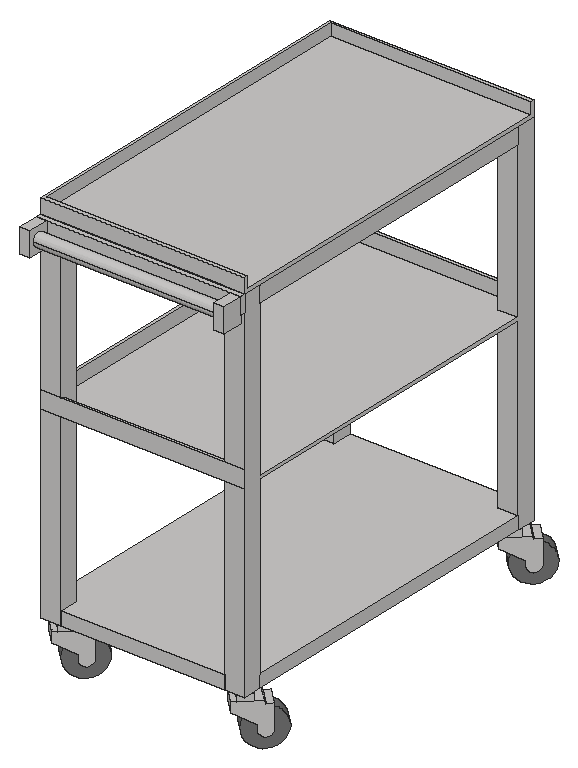
Revit family "QF_Vollrath_97120", category Specialty Equipment, Revit 2016
Family settings
  Part Type = Normal
  Round Connector Dimension = Use Diameter
  OmniClass Number = 23.40.40.14.17
  OmniClass Title = Food Cooking Equipment
  Work Plane-Based = No
  Always vertical = Yes
  Cut with Voids When Loaded = No
  Shared = No
  Room Calculation Point = No
Parameters (values of type "97120")
  Width [instance] = 15.50"
  Weight in Pounds = 29.42
  Watermarked By = "http://revitwatermark.com"
  URL Cutsheet = ""
  URL = ""
  Status [instance] = ""
  Specification by User [instance] = ""
  Specification by Manufacturer [instance] = ""
  Serial Number [instance] = ""
  Seismic Rating [instance] = ""
  Revision Code [instance] = ""
  NAFEM Spec ID Number [instance] = ""
  Model = "97120"
  Masterspec = ""
  Manufacturer = "Vollrath"
  Item Number [instance] = "-"
  Installed By [instance] = ""
  Identify Quantity as Lot [instance] = no
  Furnished By [instance] = ""
  Foodservice Equipment Identifier [instance] = yes
  Description = "Cart, Utility"
  Depth [instance] = 39.25"
  CSI MasterFormat = "11 48 13"
  Assembly Code = "E1090320"
Reference planes (in)
  plane 1 "BACK": y = -4.62
  plane 2: z = 0
  plane 3 "LEFT": x = 0
  plane 4 "RIGHT": x = 15.5
  plane 5 "--": y = -32.12
  plane 6: z = 4
  plane 7: z = 5
  plane 8: x = 1.5
  plane 9: y = -6.12
  plane 10: x = 14
  plane 11: y = -30.68
  plane 12: y = -18.37
  plane 13 "TOP": z = 32.63
  plane 14: x = 0.75
  plane 15 "FRONT": y = -34.09
  plane 16: z = 18.25
  plane 17: z = 19.5
  plane 18: x = 17.82
  plane 19: x = 7.75
  plane 20: x = 16.25
  plane 21: x = 14.75
  plane 22 "RiGHT": x = 15.5
  plane 23: z = 31.5
Forms (in)
  Extrusion 1, solid, material "QF_Finishes_Stainless Steel"
    sketch origin (0, 0, 16.75) x (-1, 0, 0) y (0, -1, 0)
      loop
        line (-1.5, 4.62) -> (-1.5, 6.12) -> (0, 6.12) -> (0, 30.68) -> (-1.5, 30.68) -> (-1.5, 32.12) -> (-14, 32.12) -> (-14, 30.68) -> (-15.5, 30.68) -> (-15.5, 6.12) -> (-14, 6.12) -> (-14, 4.62) -> (-1.5, 4.62)
    from -12.75 to -11.75
  Extrusion 2, solid, material "QF_Finishes_Stainless Steel"
    sketch origin (0, 0, 26.49) x (-1, 0, 0) y (0, -1, 0)
      loop
        line (-1.5, 32.12) -> (-14, 32.12) -> (-14, 30.68) -> (-15.5, 30.68) -> (-15.5, 6.12) -> (-14, 6.12) -> (-14, 4.62) -> (-1.5, 4.62) -> (-1.5, 6.12) -> (0, 6.12) -> (0, 30.68) -> (-1.5, 30.68) -> (-1.5, 32.12)
    from 3.76 to 5.01
  Sweep 3, solid, material "QF_Finishes_Stainless Steel"
    path origin (0, 0, 0) x (1, 0, 0) y (0, 1, 0)
      loop
        line (15.5, -32.12) -> (0, -32.12) -> (0, -4.62) -> (15.5, -4.62)
    profile origin (7.75, -4.62, 0) x (0, 1, 0) y (0, 0, 1)
      loop
        line (-2, 31.5) -> (0, 31.5) -> (0, 32.63) -> (-0.25, 32.63) -> (-0.25, 31.75309) -> (-2, 31.75309) -> (-2, 31.5)
  Extrusion 4, solid, material "QF_Finishes_Stainless Steel"
    sketch origin (0, 0, 16.75) x (-1, 0, 0) y (0, -1, 0)
      loop
        line (-1.5, 6.12) -> (-1.5, 30.68) -> (-15.5, 30.68) -> (-15.5, 6.12) -> (-1.5, 6.12)
    from 14.75 to 15.00309
  Extrusion 5, solid, material "QF_Finishes_Stainless Steel"
    sketch origin (0, 0, 16.75) x (-1, 0, 0) y (0, -1, 0)
      loop
        line (0, 4.62) -> (0, 6.12) -> (-1.5, 6.12) -> (-1.5, 4.62) -> (0, 4.62)
    from -12.75 to 14.75
  Extrusion 6, solid, material "QF_Finishes_Stainless Steel"
    sketch origin (14, 0, 16.75) x (-1, 0, 0) y (0, -1, 0)
      loop
        line (0, 4.62) -> (0, 6.12) -> (-1.5, 6.12) -> (-1.5, 4.62) -> (0, 4.62)
    from -12.75 to 14.75
  Extrusion 7, solid, material "QF_Finishes_Stainless Steel"
    sketch origin (0, -26.05109, 16.75) x (-1, 0, 0) y (0, -1, 0)
      loop
        line (0, 4.62) -> (0, 6.06) -> (-1.5, 6.06) -> (-1.5, 4.62) -> (0, 4.62)
    from -12.75 to 14.75
  Extrusion 8, solid, material "QF_Finishes_Stainless Steel"
    sketch origin (14, -26.05109, 16.75) x (-1, 0, 0) y (0, -1, 0)
      loop
        line (0, 4.62) -> (0, 6.06) -> (-1.5, 6.06) -> (-1.5, 4.62) -> (0, 4.62)
    from -12.75 to 14.75
  Sweep 9, solid, material "QF_Finishes_Stainless Steel"
    path origin (0, 0, -13.13) x (1, 0, 0) y (0, 1, 0)
      loop
        line (15.5, -32.12) -> (0, -32.12) -> (0, -4.62) -> (15.5, -4.62)
    profile origin (7.75, -4.62, -13.13) x (0, 1, 0) y (0, 0, 1)
      loop
        line (-2, 31.38) -> (0, 31.38) -> (0, 32.63) -> (-0.25, 32.63) -> (-0.25, 31.63) -> (-2, 31.63) -> (-2, 31.38)
  Extrusion 10, solid, material "QF_Finishes_Stainless Steel"
    sketch origin (0, 0, 3.62) x (-1, 0, 0) y (0, -1, 0)
      loop
        line (-1.5, 6.12) -> (-1.5, 30.68) -> (-15.5, 30.68) -> (-15.5, 6.12) -> (-1.5, 6.12)
    from 14.63 to 14.88
  Extrusion 11, solid, material "QF_Finishes_Stainless Steel"
    sketch origin (0, 0, 0.12) x (0, 1, 0) y (0, 0, 1)
      loop
        line (-32.12, 31.38) -> (-32.49962, 31.38) -> (-32.49962, 30.13) -> (-32.12, 30.13) -> (-32.12, 31.38)
    from 0 to 15.5
  Extrusion 12, solid, material "QF_Finishes_Stainless Steel"
    sketch origin (0, 0, 0.12) x (0, 1, 0) y (0, 0, 1)
      loop
        line (-32.49962, 31.38) -> (-34.09, 31.38) -> (-34.09, 29.51992) -> (-32.49962, 29.51992) -> (-32.49962, 31.38)
    from 0 to 0.75
  Extrusion 13, solid, material "QF_Finishes_Stainless Steel"
    sketch origin (15.5, 0, 0.12) x (0, 1, 0) y (0, 0, -1)
      loop
        line (-32.49962, -31.38) -> (-32.49962, -29.51992) -> (-34.09, -29.51992) -> (-34.09, -31.38) -> (-32.49962, -31.38)
    from 0 to 0.75
  Extrusion 14, solid, material "QF_Finishes_Stainless Steel"
    sketch origin (0, 0, 0.12) x (0, 1, 0) y (0, 0, 1)
      loop
        circle (-33.32708, 30.51019) r 0.5
    from 0.75 to 14.75
Cuts and joins
  joined: Sweep 3, Extrusion 4
  joined: Extrusion 6, Extrusion 7, Extrusion 8, Sweep 9, Extrusion 10
Lines and regions (in)
  symbolic lines
    curve 1: line (0, -4.62, 16.75) -> (0, -32.12, 16.75)
    curve 2: line (15.5, -34.09, 16.75) -> (15.5, -4.62, 16.75)
    curve 3: line (15.5, -4.62, 16.75) -> (0, -4.62, 16.75)
    curve 4: line (15.5, -34.09, 16.75) -> (14.75, -34.09, 16.75)
    curve 5: line (14.75, -34.09, 16.75) -> (14.75, -33.82708, 16.75)
    curve 6: line (14.75, -33.82708, 16.75) -> (0.75, -33.82708, 16.75)
    curve 7: line (0.75, -33.82708, 16.75) -> (0.75, -34.09, 16.75)
    curve 8: line (0.75, -34.09, 16.75) -> (0, -34.09, 16.75)
    curve 9: line (0, -34.09, 16.75) -> (0, -32.12, 16.75)
    curve 10: line (0.75, -33.82708, 16.75) -> (0.75, -32.49962, 16.75)
    curve 11: line (0.75, -32.49962, 16.75) -> (14.75, -32.49962, 16.75)
    curve 12: line (14.75, -32.49962, 16.75) -> (14.75, -33.82708, 16.75)
    curve 13: line (14.75, -32.74962, 16.75) -> (0.75, -32.74962, 16.75)
Dimensions and locks (in)
  "Width": plane 3 "LEFT" to plane 4 "RIGHT"
  plane 9 to plane 1 "BACK" = 1.50"
  plane 5 "--" to plane 11 = 1.44"
  plane 3 "LEFT" to plane 8 = 1.50"
  plane 10 to plane 4 "RIGHT" = 1.50"
  plane 13 "TOP" to level = 32.63"
  equal spacing: plane 1 "BACK", plane 12, plane 5 "--"
  locked: plane 7 to plane 6 at 1
  level to Extrusion 1 = 5.00"
  locked: plane 17 to plane 16 at 1.25
  plane 16 to plane 7 = 13.25"
  equal spacing: plane 4 "RIGHT", plane 19, plane 3 "LEFT"
  plane 15 "FRONT" to plane 12 = 15.72"
  plane 15 "FRONT" to plane 1 "BACK" = 29.47"
  plane 5 "--" to plane 1 "BACK" = 27.50"
  plane 17 to level = 19.50"
  plane 16 to level = 18.25"
  aligned and locked: level to plane 2
  aligned and locked: plane 7 to Extrusion 1
  aligned and locked: Extrusion 1 to plane 6
  aligned and locked: Extrusion 5 sketch curve to curve 3
  aligned and locked: Extrusion 5 sketch curve to curve 1
  aligned and locked: Extrusion 5 sketch curve to plane 9
  aligned and locked: Extrusion 5 sketch curve to plane 8
Automatic sketch dimensions
  Extrusion 1 sketch curve to plane 4 "RIGHT" = 0.00"
  Extrusion 1 sketch curve to plane 10 = 0.00"  (x2)
  plane 1 "BACK" to Extrusion 1 sketch curve = 0.00"
  Extrusion 1 sketch curve to plane 8 = 0.00"  (x2)
  plane 5 "--" to Extrusion 1 sketch curve = 0.00"
  Extrusion 1 sketch curve to plane 3 "LEFT" = 0.00"
  plane 9 to Extrusion 1 sketch curve = 0.00"  (x2)
  plane 11 to Extrusion 1 sketch curve = 0.00"  (x2)
  Extrusion 2 sketch curve to plane 4 "RIGHT" = 0.00"
  Extrusion 2 sketch curve to plane 10 = 0.00"  (x2)
  plane 9 to Extrusion 2 sketch curve = 0.00"  (x2)
  plane 1 "BACK" to Extrusion 2 sketch curve = 0.00"
  Extrusion 2 sketch curve to plane 8 = 0.00"  (x2)
  Extrusion 2 sketch curve to plane 3 "LEFT" = 0.00"
  plane 11 to Extrusion 2 sketch curve = 0.00"  (x2)
  plane 5 "--" to Extrusion 2 sketch curve = 0.00"
  Sweep 3 sketch curve to plane 3 "LEFT" = 0.00"
  Sweep 3 sketch curve to plane 4 "RIGHT" = 0.00"  (x2)
  plane 1 "BACK" to Sweep 3 sketch curve = 0.00"
  plane 5 "--" to Sweep 3 sketch curve = 0.00"
  Extrusion 4 sketch curve to plane 4 "RIGHT" = 0.00"
  Extrusion 4 sketch curve to plane 8 = 0.00"
  plane 9 to Extrusion 4 sketch curve = 0.00"
  plane 11 to Extrusion 4 sketch curve = 0.00"
  plane 1 "BACK" to Extrusion 6 sketch curve = 0.00"
  Extrusion 6 sketch curve to plane 4 "RIGHT" = 0.00"
  plane 9 to Extrusion 6 sketch curve = 0.00"
  Extrusion 6 sketch curve to plane 10 = 0.00"
  Extrusion 7 sketch curve to plane 8 = 0.00"
  Extrusion 7 sketch curve to plane 3 "LEFT" = 0.00"
  Extrusion 7 sketch curve to plane 11 = 0.00891"
  Extrusion 7 sketch curve to plane 5 "--" = 0.00891"
  Extrusion 8 sketch curve to plane 4 "RIGHT" = 0.00"
  Extrusion 8 sketch curve to plane 10 = 0.00"
  Extrusion 8 sketch curve to plane 11 = 0.00891"
  Extrusion 8 sketch curve to plane 5 "--" = 0.00891"
  Sweep 9 sketch curve to plane 3 "LEFT" = 0.00"
  Sweep 9 sketch curve to plane 4 "RIGHT" = 0.00"  (x2)
  plane 1 "BACK" to Sweep 9 sketch curve = 0.00"
  plane 5 "--" to Sweep 9 sketch curve = 0.00"
  Sweep 9 sketch curve to profile plane = 0.00"
  profile plane to Sweep 9 sketch curve = 0.25"
  Sweep 9 sketch curve to Sweep 9 sketch curve = 1.75"
  profile plane to Sweep 9 sketch curve = 31.38"
  Sweep 9 sketch curve to Sweep 9 sketch curve = 0.25"
  Sweep 9 sketch curve to Sweep 9 sketch curve = 1.00"
  Extrusion 10 sketch curve to plane 4 "RIGHT" = 0.00"
  Extrusion 10 sketch curve to plane 8 = 0.00"
  plane 9 to Extrusion 10 sketch curve = 0.00"
  plane 11 to Extrusion 10 sketch curve = 0.00"
  Extrusion 11 sketch curve to plane 5 "--" = 0.00"
  Extrusion 11 sketch curve to Extrusion 11 sketch curve = 0.37962"
  Extrusion 11 sketch curve to plane 13 "TOP" = 2.38"
  Extrusion 11 sketch curve to plane 13 "TOP" = 1.13"
  Extrusion 12 sketch curve to plane 15 "FRONT" = 0.00"
  plane 5 "--" to Extrusion 12 sketch curve = 0.37962"
  Extrusion 12 sketch curve to plane 13 "TOP" = 2.99008"
  Extrusion 12 sketch curve to plane 13 "TOP" = 1.13"
  Extrusion 13 sketch curve to plane 15 "FRONT" = 0.00"
  plane 5 "--" to Extrusion 13 sketch curve = 0.37962"
  Extrusion 13 sketch curve to plane 13 "TOP" = 1.13"
  Extrusion 13 sketch curve to Extrusion 13 sketch curve = 1.86008"
  plane 15 "FRONT" to Extrusion 14 sketch curve = 0.76292"
  Extrusion 14 sketch curve to plane 13 "TOP" = 1.99981"
  Sweep 3 sketch curve to profile plane = 0.00"
  profile plane to Sweep 3 sketch curve = 0.25"
  Sweep 3 sketch curve to Sweep 3 sketch curve = 1.75"
  level to Sweep 3 sketch curve = 31.50"
  Sweep 3 sketch curve to Sweep 3 sketch curve = 0.25309"
  Sweep 3 sketch curve to Sweep 3 sketch curve = 0.87691"
  plane 1 "BACK" to curve 3 = 0.00"
  curve 3 to plane 4 "RIGHT" = 0.00"
  curve 13 to plane 21 = 0.00"
  curve 13 to plane 14 = 0.00"
  curve 9 to plane 3 "LEFT" = 0.00"
  plane 5 "--" to curve 1 = 0.00"
  curve 8 to plane 15 "FRONT" = 0.00"
  curve 5 to plane 15 "FRONT" = 0.00"
  plane 5 "--" to curve 11 = 0.37962"
  curve 11 to curve 13 = 0.25"
  plane 15 "FRONT" to curve 7 = 0.26292"
  radius of Extrusion 14 sketch curve = 0.50"
Nested families (in)
  nested 1: "FESCaster" at (1.25, -5.60981, 0), type "FESCaster"
    with Height 4.00", Caster Radius 1.50"
  nested 2: "FESCaster" at (14.62136, -5.60981, 0), type "FESCaster"
    with Height 4.00", Caster Radius 1.50"
  nested 3: "FESCaster" at (14.62136, -31.11977, 0), type "FESCaster"
    with Height 4.00", Caster Radius 1.50"
  nested 4: "FESCaster" at (1, -31.11977, 0), type "FESCaster"
    with Height 4.00", Caster Radius 1.50"
Definition of nested family "FESCaster"
  Parameters
    Watermarked By = "http://revitwatermark.com"
    Type Comments = "⍁⍉⌁⌀⏭⎽⌇⍠⌜⍉⎖⌥⌦⌯⍭⏊⍻⍿⍊⏵⍊⏗⏠⍴⎡⌈⎀⍠⌓⌤⏘⎐⍀⌐⏬⏁⎈⏍⏦⎒⏬⌝⍩⍇⌣〈⎫〉⎁⏊⍥⍖⍥⍝⍦⌖⍀⏌⏭⎝⎼⏷⏞⍻⏯⎽⏷⏞⍻⏯⎽⏷⎺⌻⎝⍎⌧⏷⏟⏿⌿⍜⍦⍤⌁⍬⏶⏎⍊⏚⏉⎞⌡⎀⎪⏈⌟⌿⍾⍼⌟⌿⌢⌞⏞⏝⌻⎸⎻⎷⎳⎻⎛⌞⌼⏚⍿⏸⍨⏷⍡⍺⏼⏅⎏⌽⌻⍽⎝⍮⎧⍏⏳⏲⎼⏈⏋⏙⎏⏽⏘⍹⏞⌜⏼⍴⏶⏮⏿⌁"
    Height [instance] = 6.00"
    Caster Radius [instance] = if(Height < 3.00", 1.00", (Height / 2) - 0.50")  # 2.50"
    Assembly Code = ""
  Reference planes (in)
    plane 1 "Center (Front/Back)": y = 0
    plane 2: z = 0
    plane 3 "Center (Left/Right)": x = 0
    plane 4: z = 6
    plane 5: z = 5.5
  Forms (in)
    Extrusion 1, solid
      sketch origin (-24.12131, -22.88887, 10.18833) x (0.707107, 0.707107, 0) y (0, 0, 1)
        loop
          line (34.98772, -7.68833) -> (34.98772, -4.93833) -> (34.48772, -4.93833) -> (34.39402, -4.68833) -> (32.39402, -4.68833) -> (32.39402, -5.43833) -> (33.98772, -7.34206) -> (33.98772, -7.68833)
          arc (33.98772, -7.68833) -> (34.48772, -8.18833) -> (34.98772, -7.68833) r 0.5
      from 0 to 1.75
    Extrusion 2, solid
      sketch origin (-24.32327, -23.09083, 13.31461) x (0.707107, 0.707107, 0) y (0, 0, 1)
        loop
          circle (34.77334, -10.81461) r 2.5
      from 0.375 to 1.375
    Extrusion 3, solid
      sketch origin (-7.24148, -8.48391, 0) x (0.707107, 0.707107, 0) y (0, 0, 1)
        loop
          line (10.61603, 5.5) -> (11.61603, 5.5) -> (11.61603, 6) -> (10.61603, 6) -> (10.61603, 5.5)
      from 0 to -1.75
  Lines and regions (in)
    symbolic lines
      curve 1: line (-1.26158, -0.51911, 0) -> (1.39007, 2.13254, 0)
      curve 2: line (-0.53429, -1.24639, 0) -> (2.11736, 1.40526, 0)
      curve 3: line (-1.26158, -0.51911, 0) -> (1.39007, 2.13254, 0)
      curve 4: line (-0.53429, -1.24639, 0) -> (2.11736, 1.40526, 0)
  Dimensions and locks (in)
    locked: plane 4 to plane 5 at 0.5
    "Height": plane 4 to level
    "Caster Radius": Extrusion 2 sketch curve to level
    "Caster Radius": Extrusion 1 sketch curve to level
    "Caster Radius": radius of Extrusion 2 sketch curve
    aligned and locked: plane 2 to level
    aligned and locked: Extrusion 3 to plane 5
    aligned and locked: plane 4 to Extrusion 3
    aligned and locked: plane 5 to Extrusion 1
  Automatic sketch dimensions
    plane 1 "Center (Front/Back)" to curve 3 = 0.51911"
    curve 3 to plane 3 "Center (Left/Right)" = 1.26158"
    plane 1 "Center (Front/Back)" to curve 1 = 0.51911"
    curve 1 to curve 3 = 0.00"  (x3)
    curve 4 to plane 3 "Center (Left/Right)" = 0.53429"
    curve 2 to curve 4 = 0.00"  (x2)
    plane 3 "Center (Left/Right)" to curve 3 = 1.39007"
    curve 1 to curve 4 = 0.72729"
    curve 2 to curve 1 = 0.72729"
    curve 4 to curve 2 = 0.00"  (x2)
    curve 2 to plane 1 "Center (Front/Back)" = 1.40526"
    curve 2 to curve 3 = 0.72729"
    plane 5 to Extrusion 1 sketch curve = 0.00"
    Extrusion 1 sketch curve to Extrusion 1 sketch curve = 1.5937"
    Extrusion 1 sketch curve to Extrusion 1 sketch curve = 2.00"
    Extrusion 1 sketch curve to Extrusion 1 sketch curve = 0.0937"
    Extrusion 1 sketch curve to Extrusion 1 sketch curve = 0.50"
    Extrusion 1 sketch curve to Extrusion 1 sketch curve = 0.34627"
    Extrusion 1 sketch curve to plane 5 = 0.75"
    Extrusion 1 sketch curve to plane 5 = 0.25"
    Extrusion 3 sketch curve to plane 5 = 0.00"
    plane 4 to Extrusion 3 sketch curve = 0.00"
    Extrusion 3 sketch curve to Extrusion 3 sketch curve = 1.00"
